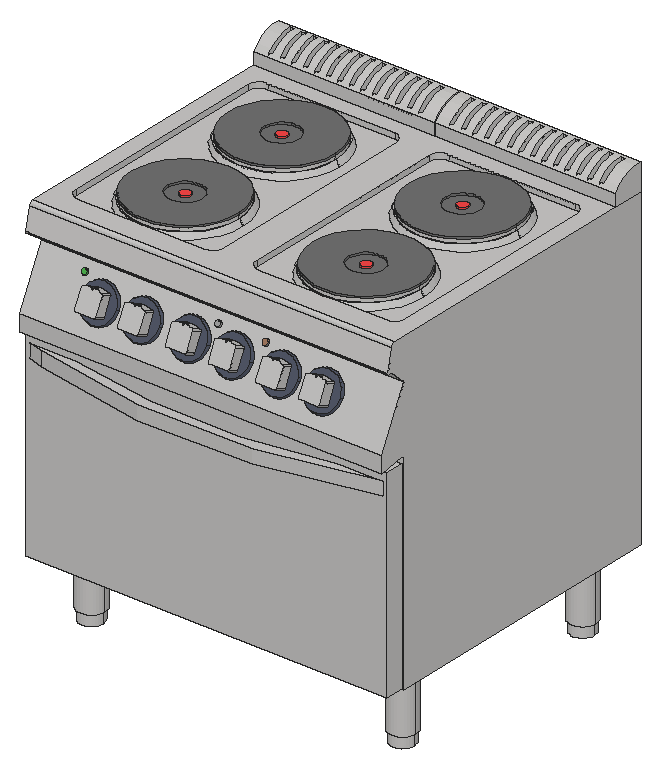
Revit family "QF_ZANUSSI_372016_Z7ECEH4RE0", category Specialty Equipment, Revit 2018 (continued)
Automatic sketch dimensions
  Extrusion 15 sketch curve to Extrusion 15 sketch curve = 40.005 mm
  Extrusion 15 sketch curve to Extrusion 15 sketch curve = 5.399 mm
  Extrusion 15 sketch curve to Extrusion 15 sketch curve = 40.037 mm
  Extrusion 15 sketch curve to Extrusion 15 sketch curve = 0 mm  (x2)
  plane 11 "panel" to Extrusion 16 sketch curve = 35 mm
  Extrusion 16 sketch curve to plane 5 "FRONT" = 9.329 mm
  Extrusion 16 sketch curve to Extrusion 16 sketch curve = 3 mm
  Extrusion 16 sketch curve to Extrusion 16 sketch curve = 0 mm  (x2)
  Extrusion 16 sketch curve to Extrusion 16 sketch curve = 1 mm
  Extrusion 16 sketch curve to Extrusion 16 sketch curve = 15 mm
  plane 3 "LEFT" to Extrusion 17 sketch curve = 135 mm
  Extrusion 17 sketch curve to Extrusion 17 sketch curve = 35 mm  (x2)
  plane 11 "panel" to Extrusion 18 sketch curve = 35 mm
  Extrusion 18 sketch curve to plane 5 "FRONT" = 9.329 mm
  Extrusion 18 sketch curve to Extrusion 18 sketch curve = 3 mm
  Extrusion 18 sketch curve to Extrusion 18 sketch curve = 0 mm
  Extrusion 18 sketch curve to Extrusion 18 sketch curve = 1 mm  (x2)
  Extrusion 18 sketch curve to Extrusion 18 sketch curve = 15 mm
  Extrusion 19 sketch curve to plane 7 "Center Y" = 135.05 mm
  Extrusion 19 sketch curve to Extrusion 19 sketch curve = 35 mm  (x2)
  Blend 20 sketch curve to plane 7 "Center Y" = 152.55 mm  (x2)
  Extrusion 21 sketch curve to plane 7 "Center Y" = 129.55 mm
  Extrusion 21 sketch curve to Extrusion 21 sketch curve = 2.997 mm  (x3)
  Extrusion 21 sketch curve to Extrusion 21 sketch curve = 20.003 mm  (x2)
  Extrusion 21 sketch curve to Extrusion 21 sketch curve = 40.005 mm
  Extrusion 21 sketch curve to Extrusion 21 sketch curve = 0 mm  (x2)
  Extrusion 21 sketch curve to Extrusion 21 sketch curve = 40.037 mm
  Extrusion 21 sketch curve to Extrusion 21 sketch curve = 5.399 mm
  Split face 2 sketch curve to Split face 2 sketch curve = 6 mm
  Split face 2 sketch curve to Split face 2 sketch curve = 10 mm
  Split face 3 sketch curve to Split face 3 sketch curve = 5 mm
  Split face 3 sketch curve to Split face 3 sketch curve = 9 mm
  Split face 4 sketch curve to Split face 4 sketch curve = 5 mm
  Split face 5 sketch curve to Split face 5 sketch curve = 5 mm
  Split face 6 sketch curve to Split face 6 sketch curve = 6 mm
  Split face 6 sketch curve to Split face 6 sketch curve = 10 mm
  Split face 7 sketch curve to Split face 7 sketch curve = 5 mm
  Split face 7 sketch curve to Split face 7 sketch curve = 9 mm
  Split face 8 sketch curve to Split face 8 sketch curve = 5 mm
  Split face 9 sketch curve to Split face 9 sketch curve = 5 mm
  plane 7 "Center Y" to Blend 22 sketch curve = 47.45 mm  (x2)
  plane 7 "Center Y" to Extrusion 23 sketch curve = 24.45 mm
  Extrusion 23 sketch curve to Extrusion 23 sketch curve = 2.997 mm  (x3)
  Extrusion 23 sketch curve to Extrusion 23 sketch curve = 20.003 mm  (x2)
  Extrusion 23 sketch curve to Extrusion 23 sketch curve = 40.005 mm
  Extrusion 23 sketch curve to Extrusion 23 sketch curve = 5.399 mm
  Extrusion 23 sketch curve to Extrusion 23 sketch curve = 40.037 mm
  Extrusion 23 sketch curve to Extrusion 23 sketch curve = 0 mm  (x2)
  plane 7 "Center Y" to Blend 24 sketch curve = 152.45 mm  (x2)
  plane 7 "Center Y" to Extrusion 25 sketch curve = 129.45 mm
  Extrusion 25 sketch curve to Extrusion 25 sketch curve = 2.997 mm  (x3)
  Extrusion 25 sketch curve to Extrusion 25 sketch curve = 20.003 mm  (x2)
  Extrusion 25 sketch curve to Extrusion 25 sketch curve = 40.005 mm
  Extrusion 25 sketch curve to Extrusion 25 sketch curve = 5.399 mm
  Extrusion 25 sketch curve to Extrusion 25 sketch curve = 40.037 mm
  Extrusion 25 sketch curve to Extrusion 25 sketch curve = 0 mm  (x2)
  plane 11 "panel" to Extrusion 26 sketch curve = 35 mm
  Extrusion 26 sketch curve to plane 5 "FRONT" = 9.329 mm
  Extrusion 26 sketch curve to Extrusion 26 sketch curve = 3 mm
  Extrusion 26 sketch curve to Extrusion 26 sketch curve = 0 mm  (x2)
  Extrusion 26 sketch curve to Extrusion 26 sketch curve = 1 mm
  Extrusion 26 sketch curve to Extrusion 26 sketch curve = 15 mm
  plane 7 "Center Y" to Extrusion 27 sketch curve = 134.95 mm
  Extrusion 27 sketch curve to Extrusion 27 sketch curve = 35 mm  (x2)
  plane 11 "panel" to Extrusion 28 sketch curve = 35 mm
  Extrusion 28 sketch curve to plane 5 "FRONT" = 9.329 mm
  Extrusion 28 sketch curve to Extrusion 28 sketch curve = 3 mm
  Extrusion 28 sketch curve to Extrusion 28 sketch curve = 0 mm
  Extrusion 28 sketch curve to Extrusion 28 sketch curve = 1 mm  (x2)
  Extrusion 28 sketch curve to Extrusion 28 sketch curve = 15 mm
  Extrusion 29 sketch curve to plane 4 "RIGHT" = 135.1 mm
  Extrusion 29 sketch curve to Extrusion 29 sketch curve = 35 mm  (x2)
  Blend 30 sketch curve to plane 4 "RIGHT" = 152.6 mm  (x2)
  Extrusion 31 sketch curve to plane 4 "RIGHT" = 129.6 mm
  Extrusion 31 sketch curve to Extrusion 31 sketch curve = 2.997 mm  (x3)
  Extrusion 31 sketch curve to Extrusion 31 sketch curve = 20.003 mm  (x2)
  Extrusion 31 sketch curve to Extrusion 31 sketch curve = 40.005 mm
  Extrusion 31 sketch curve to Extrusion 31 sketch curve = 0 mm  (x2)
  Extrusion 31 sketch curve to Extrusion 31 sketch curve = 40.037 mm
  Extrusion 31 sketch curve to Extrusion 31 sketch curve = 5.399 mm
  Split face 31 sketch curve to Split face 31 sketch curve = 6 mm
  Split face 31 sketch curve to Split face 31 sketch curve = 10 mm
  Split face 32 sketch curve to Split face 32 sketch curve = 5 mm
  Split face 32 sketch curve to Split face 32 sketch curve = 9 mm
  Split face 33 sketch curve to Split face 33 sketch curve = 5 mm
  Split face 34 sketch curve to Split face 34 sketch curve = 5 mm
  Split face 35 sketch curve to Split face 35 sketch curve = 6 mm
  Split face 35 sketch curve to Split face 35 sketch curve = 10 mm
  Split face 36 sketch curve to Split face 36 sketch curve = 5 mm
  Split face 36 sketch curve to Split face 36 sketch curve = 9 mm
  Split face 37 sketch curve to Split face 37 sketch curve = 5 mm
  Split face 38 sketch curve to Split face 38 sketch curve = 5 mm
  plane 11 "panel" to Extrusion 32 sketch curve = 35 mm
  Extrusion 32 sketch curve to plane 5 "FRONT" = 9.329 mm
  Extrusion 32 sketch curve to Extrusion 32 sketch curve = 3 mm
  Extrusion 32 sketch curve to Extrusion 32 sketch curve = 0 mm
  Extrusion 32 sketch curve to Extrusion 32 sketch curve = 1 mm  (x2)
  Extrusion 32 sketch curve to Extrusion 32 sketch curve = 15 mm
  Extrusion 33 sketch curve to plane 7 "Center Y" = 30.05 mm
  Extrusion 33 sketch curve to Extrusion 33 sketch curve = 35 mm  (x2)
  Extrusion 34 sketch curve to plane 7 "Center Y" = 24.55 mm
  Extrusion 34 sketch curve to Extrusion 34 sketch curve = 2.997 mm  (x3)
  Extrusion 34 sketch curve to Extrusion 34 sketch curve = 20.003 mm  (x2)
  Extrusion 34 sketch curve to Extrusion 34 sketch curve = 40.005 mm
  Extrusion 34 sketch curve to Extrusion 34 sketch curve = 0 mm  (x2)
  Extrusion 34 sketch curve to Extrusion 34 sketch curve = 40.037 mm
  Extrusion 34 sketch curve to Extrusion 34 sketch curve = 5.399 mm
  Blend 35 sketch curve to plane 7 "Center Y" = 47.55 mm  (x2)
  Split face 47 sketch curve to Split face 47 sketch curve = 6 mm
  Split face 47 sketch curve to Split face 47 sketch curve = 2 mm
  plane 11 "panel" to Extrusion 36 sketch curve = 35 mm
  Extrusion 36 sketch curve to plane 5 "FRONT" = 9.329 mm
  Extrusion 36 sketch curve to Extrusion 36 sketch curve = 3 mm
  Extrusion 36 sketch curve to Extrusion 36 sketch curve = 0 mm
  Extrusion 36 sketch curve to Extrusion 36 sketch curve = 1 mm  (x2)
  Extrusion 36 sketch curve to Extrusion 36 sketch curve = 15 mm
  plane 7 "Center Y" to Extrusion 37 sketch curve = 64.95 mm
  plane 7 "Center Y" to Extrusion 37 sketch curve = 29.95 mm
  Extrusion 37 sketch curve to Extrusion 37 sketch curve = 35 mm
  Split face 48 sketch curve to Split face 48 sketch curve = 6 mm
  Split face 48 sketch curve to Split face 48 sketch curve = 2 mm
  Split face 49 sketch curve to Split face 49 sketch curve = 6 mm
  Split face 49 sketch curve to Split face 49 sketch curve = 2 mm
  Extrusion 38 sketch curve to plane 7 "Center Y" = 0.05 mm
  plane 7 "Center Y" to Extrusion 39 sketch curve = 104.95 mm
  plane 3 "LEFT" to Extrusion 40 sketch curve = 105 mm
  curve 12 to plane 7 "Center Y" = 0 mm
  curve 29 to plane 7 "Center Y" = 0 mm
  plane 5 "FRONT" to curve 142 = 0 mm
  curve 9 to plane 3 "LEFT" = 0 mm
  curve 7 to plane 3 "LEFT" = 0 mm
  plane 1 "BACK" to curve 6 = 0 mm
  plane 5 "FRONT" to curve 11 = 0 mm
  plane 4 "RIGHT" to curve 3 = 150.019 mm
  plane 1 "BACK" to curve 86 = 6.761 mm
  curve 86 to plane 4 "RIGHT" = 29.703 mm
  curve 23 to plane 4 "RIGHT" = 35.025 mm
  curve 87 to curve 88 = 9.296 mm
  plane 1 "BACK" to curve 90 = 6.761 mm
  curve 86 to curve 90 = 16.193 mm
  curve 24 to curve 24 = 25.4 mm
  curve 22 to curve 22 = 25.4 mm
  curve 91 to curve 93 = 9.296 mm
  plane 1 "BACK" to curve 94 = 6.761 mm
  curve 90 to curve 94 = 16.193 mm
  curve 95 to curve 97 = 9.296 mm
  curve 96 to curve 99 = 16.193 mm
  curve 99 to curve 101 = 9.296 mm
  plane 1 "BACK" to curve 102 = 6.761 mm
  curve 98 to curve 102 = 16.193 mm
  curve 103 to curve 104 = 9.296 mm
  curve 104 to curve 108 = 16.193 mm
  curve 107 to curve 108 = 9.296 mm
  plane 1 "BACK" to curve 111 = 6.761 mm
  curve 106 to curve 111 = 16.193 mm
  curve 111 to curve 113 = 9.296 mm
  plane 1 "BACK" to curve 114 = 6.761 mm
  curve 110 to curve 114 = 16.193 mm
  curve 115 to curve 116 = 9.296 mm
  plane 1 "BACK" to curve 118 = 6.761 mm
  curve 114 to curve 118 = 16.193 mm
  curve 118 to curve 121 = 9.296 mm
  plane 1 "BACK" to curve 123 = 6.761 mm
  curve 118 to curve 123 = 16.193 mm
  curve 123 to curve 124 = 9.296 mm
  curve 124 to curve 128 = 16.193 mm
  curve 127 to curve 128 = 9.296 mm
  curve 128 to curve 132 = 16.193 mm
  curve 131 to curve 132 = 9.296 mm
  plane 1 "BACK" to curve 135 = 6.761 mm
  curve 130 to curve 135 = 16.193 mm
  plane 7 "Center Y" to curve 26 = 60.425 mm
  curve 135 to curve 21 = 4.062 mm
  curve 134 to curve 137 = 9.296 mm
  plane 1 "BACK" to curve 138 = 6.761 mm
  curve 134 to curve 138 = 16.193 mm
  curve 28 to curve 27 = 25.4 mm
  curve 138 to curve 141 = 9.296 mm
  plane 1 "BACK" to curve 85 = 6.761 mm
  curve 85 to plane 7 "Center Y" = 29.703 mm
  curve 15 to plane 7 "Center Y" = 35.025 mm
  curve 84 to curve 83 = 9.296 mm
  curve 83 to curve 81 = 16.193 mm
  curve 16 to curve 17 = 25.4 mm
  curve 15 to curve 14 = 25.4 mm
  curve 80 to curve 80 = 9.296 mm
  curve 79 to curve 77 = 16.193 mm
  curve 76 to curve 75 = 9.296 mm
  curve 75 to curve 72 = 16.193 mm
  curve 70 to curve 71 = 9.296 mm
  curve 71 to curve 69 = 16.193 mm
  curve 68 to curve 67 = 9.296 mm
  plane 1 "BACK" to curve 65 = 6.761 mm
  curve 66 to curve 65 = 16.193 mm
  curve 64 to curve 63 = 9.296 mm
  plane 1 "BACK" to curve 61 = 6.761 mm
  curve 62 to curve 61 = 16.193 mm
  curve 60 to curve 59 = 9.296 mm
  plane 1 "BACK" to curve 57 = 6.761 mm
  curve 58 to curve 57 = 16.193 mm
  curve 56 to curve 55 = 9.296 mm
  plane 1 "BACK" to curve 53 = 6.761 mm
  curve 54 to curve 53 = 16.193 mm
  curve 52 to curve 51 = 9.296 mm
  plane 1 "BACK" to curve 49 = 6.761 mm
  curve 50 to curve 49 = 16.193 mm
  curve 48 to curve 47 = 9.296 mm
  plane 1 "BACK" to curve 45 = 6.761 mm
  curve 46 to curve 45 = 16.193 mm
  curve 44 to curve 44 = 9.296 mm
  plane 1 "BACK" to curve 41 = 6.761 mm
  curve 42 to curve 41 = 16.193 mm
  curve 40 to curve 39 = 9.296 mm
  curve 39 to curve 37 = 16.193 mm
  plane 3 "LEFT" to curve 18 = 60.425 mm
  curve 36 to curve 13 = 4.062 mm
  curve 34 to curve 35 = 9.296 mm
  plane 1 "BACK" to curve 30 = 6.761 mm
  curve 34 to curve 30 = 16.193 mm
  curve 18 to curve 19 = 25.4 mm
  curve 30 to curve 30 = 9.296 mm
  curve 2 to plane 3 "LEFT" = 150.019 mm
  curve 1 to plane 1 "BACK" = 150.019 mm
  plane 1 "BACK" to curve 133 = 6.761 mm
  plane 1 "BACK" to curve 129 = 6.761 mm
  plane 1 "BACK" to curve 109 = 6.761 mm
  plane 1 "BACK" to curve 101 = 6.761 mm
  plane 1 "BACK" to curve 81 = 6.761 mm
  plane 1 "BACK" to curve 34 = 6.761 mm
  plane 1 "BACK" to curve 77 = 6.761 mm
  plane 1 "BACK" to curve 73 = 6.761 mm
  plane 1 "BACK" to curve 69 = 6.761 mm
  curve 54 to curve 56 = 57.15 mm
  curve 56 to curve 59 = 0 mm
  curve 53 to curve 55 = 0 mm
  curve 60 to curve 63 = 0 mm
  curve 49 to curve 51 = 0 mm
  curve 64 to curve 67 = 0 mm
  curve 45 to curve 47 = 0 mm
  curve 68 to curve 71 = 0 mm
  curve 41 to curve 43 = 0 mm
  curve 72 to curve 75 = 0 mm
  curve 37 to curve 39 = 0 mm
  curve 76 to curve 79 = 0 mm
  curve 33 to curve 35 = 0 mm
  curve 80 to curve 83 = 0 mm
  curve 138 to curve 141 = 57.15 mm
  curve 86 to curve 87 = 57.15 mm
  curve 139 to curve 137 = 0 mm
  curve 91 to curve 88 = 0 mm
  curve 135 to curve 133 = 0 mm
  curve 95 to curve 92 = 0 mm
  curve 131 to curve 129 = 0 mm
  curve 99 to curve 96 = 0 mm
  curve 127 to curve 125 = 0 mm
  curve 103 to curve 100 = 0 mm
  curve 123 to curve 121 = 0 mm
  curve 107 to curve 104 = 0 mm
  curve 119 to curve 117 = 0 mm
  curve 111 to curve 108 = 0 mm
  curve 92 to curve 21 = 40.974 mm
  curve 36 to curve 13 = 40.974 mm
  curve 19 to plane 5 "FRONT" = 110.765 mm
  curve 15 to curve 26 = 0 mm
  plane 5 "FRONT" to curve 10 = 379.413 mm
  curve 142 to curve 17 = 69.075 mm
  curve 12 to curve 84 = 0.898 mm
  curve 7 to curve 31 = 0.898 mm
  curve 7 to curve 7 = 6.838 mm
  curve 8 to curve 7 = 0 mm
  plane 5 "FRONT" to curve 1 = 1.377 mm
  plane 5 "FRONT" to curve 3 = 1.377 mm
  curve 6 to plane 4 "RIGHT" = 0 mm
  Extrusion 41 sketch curve to Extrusion 41 sketch curve = 0 mm  (x6)
  Extrusion 41 sketch curve to plane 7 "Center Y" = 0 mm
  Extrusion 41 sketch curve to plane 5 "FRONT" = 15 mm  (x2)
  Extrusion 41 sketch curve to plane 4 "RIGHT" = 103.655 mm
  Extrusion 41 sketch curve to plane 4 "RIGHT" = 10.05 mm
  Extrusion 41 sketch curve to plane 1 "BACK" = 537.5 mm
  Extrusion 41 sketch curve to plane 5 "FRONT" = 4.65 mm
  plane 12 to Extrusion 1 sketch curve = 15 mm
  Extrusion 1 sketch curve to plane 12 = 0 mm
  Extrusion 1 sketch curve to plane 6 "TOP" = 110.989 mm
  Extrusion 1 sketch curve to Extrusion 1 sketch curve = 15.116 mm
  Extrusion 1 sketch curve to Extrusion 1 sketch curve = 2.884 mm
  Extrusion 1 sketch curve to plane 6 "TOP" = 65.474 mm
  Extrusion 1 sketch curve to Extrusion 1 sketch curve = 13.051 mm
  Extrusion 1 sketch curve to plane 9 "TOP A" = 56.816 mm
  Extrusion 1 sketch curve to Extrusion 1 sketch curve = 10.198 mm
  Extrusion 1 sketch curve to Extrusion 1 sketch curve = 7.474 mm
  Extrusion 1 sketch curve to Extrusion 1 sketch curve = 40 mm
  Extrusion 1 sketch curve to Extrusion 1 sketch curve = 1.355 mm
  Extrusion 1 sketch curve to Extrusion 1 sketch curve = 0.445 mm
  Extrusion 1 sketch curve to Extrusion 1 sketch curve = 5 mm  (x2)
  Extrusion 1 sketch curve to plane 9 "TOP A" = 88.636 mm
  Extrusion 1 sketch curve to Extrusion 1 sketch curve = 31.82 mm
  plane 10 "Base" to Extrusion 1 sketch curve = 0 mm
  Extrusion 1 sketch curve to plane 1 "BACK" = 0 mm
  Extrusion 1 sketch curve to Extrusion 1 sketch curve = 161.364 mm
  Extrusion 1 sketch curve to Extrusion 1 sketch curve = 5.508 mm
  Extrusion 1 sketch curve to Extrusion 1 sketch curve = 10.259 mm
  Extrusion 1 sketch curve to Extrusion 1 sketch curve = 35 mm
  plane 10 "Base" to Extrusion 8 sketch curve = 5 mm
  plane 5 "FRONT" to Extrusion 8 sketch curve = 394.838 mm
  Extrusion 8 sketch curve to plane 12 = 15.162 mm
  plane 10 "Base" to Extrusion 8 sketch curve = 5.45 mm
  Extrusion 8 sketch curve to Extrusion 8 sketch curve = 20 mm
  radius of Extrusion 7 sketch curve = 12.7 mm
  radius of Blend 14 sketch curve = 42.5 mm
  radius of Blend 14 sketch curve = 40.5 mm
  radius of Split face 1 sketch curve = 3 mm
  radius of Blend 20 sketch curve = 42.5 mm
  radius of Blend 20 sketch curve = 40.5 mm
  radius of Split face 10 sketch curve = 1.5 mm
  radius of Split face 11 sketch curve = 2.029 mm
  radius of Split face 12 sketch curve = 2.031 mm
  radius of Split face 13 sketch curve = 3.497 mm
  radius of Split face 14 sketch curve = 3.497 mm
  radius of Split face 15 sketch curve = 3 mm
  radius of Split face 16 sketch curve = 1.5 mm
  radius of Blend 22 sketch curve = 42.5 mm
  radius of Blend 22 sketch curve = 40.5 mm
  radius of Split face 17 sketch curve = 1 mm
  radius of Split face 18 sketch curve = 1 mm
  radius of Split face 19 sketch curve = 1 mm
  radius of Split face 20 sketch curve = 1 mm
  radius of Split face 21 sketch curve = 1 mm
  radius of Split face 22 sketch curve = 1 mm
  radius of Split face 23 sketch curve = 1 mm
  radius of Split face 24 sketch curve = 1 mm
  radius of Split face 25 sketch curve = 1 mm
  radius of Split face 26 sketch curve = 1 mm
  radius of Split face 27 sketch curve = 1 mm
  radius of Split face 28 sketch curve = 1 mm
  radius of Split face 29 sketch curve = 1 mm
  radius of Blend 24 sketch curve = 42.5 mm
  radius of Blend 24 sketch curve = 40.5 mm
  radius of Split face 30 sketch curve = 3 mm
  radius of Blend 30 sketch curve = 42.5 mm
  radius of Blend 30 sketch curve = 40.5 mm
  radius of Split face 39 sketch curve = 1.5 mm
  radius of Split face 40 sketch curve = 2.029 mm
  radius of Split face 41 sketch curve = 2.031 mm
  radius of Split face 42 sketch curve = 3.497 mm
  radius of Split face 43 sketch curve = 3.497 mm
  radius of Split face 44 sketch curve = 3 mm
  radius of Split face 45 sketch curve = 1.5 mm
  radius of Split face 46 sketch curve = 1 mm
  radius of Blend 35 sketch curve = 42.5 mm
  radius of Blend 35 sketch curve = 40.5 mm
  radius of Split face 50 sketch curve = 1.714 mm
  radius of Extrusion 38 sketch curve = 6 mm
  radius of Extrusion 39 sketch curve = 6 mm
  radius of Extrusion 40 sketch curve = 6 mm
Nested families
  nested 1: "QF_372016_HOT PLATES" at (72.525, -113.898, 838.3), type "QF_372016_HOT PLATES"
    with Type Mark "", Specification by User "", Revision Code "", Item Number "", Installed By "", Identify Quantity as Lot yes, Furnished By "", Foodservice Equipment Identifier yes
  nested 2: "QF_372016_HOT PLATES" at (72.525, -635.872, 838.3), type "QF_372016_HOT PLATES"
    with Type Mark "", Specification by User "", Revision Code "", Item Number "", Installed By "", Identify Quantity as Lot yes, Furnished By "", Foodservice Equipment Identifier yes
  nested 3: "QF_372016_HOT PLATES" at (727.575, -113.898, 838.3) x (-1, 0, 0) z (0, 0, 1), type "QF_372016_HOT PLATES"
    with Type Mark "", Specification by User "", Revision Code "", Item Number "", Installed By "", Identify Quantity as Lot yes, Furnished By "", Foodservice Equipment Identifier yes
  nested 4: "QF_372016_HOT PLATES" at (727.575, -635.872, 838.3) x (-1, 0, 0) z (0, 0, 1), type "QF_372016_HOT PLATES"
    with Type Mark "", Specification by User "", Revision Code "", Item Number "", Installed By "", Identify Quantity as Lot yes, Furnished By "", Foodservice Equipment Identifier yes
Connectors
  electrical at (752.375, -512.762, 150), driven by "Volts", driven by "Watts"
    settings: on Extrusion 7, index 1, voltage 400 V, apparent load 16400 VA, apparent load phase1 0 VA, apparent load phase2 0 VA, apparent load phase3 0 VA, power factor 1, load classification "Other", number of poles 1, system type 30, power factor state 1, is connector primary yes, connector utility no, sub classification motor no, connector description "Electrical Connection"
Definition of nested family "QF_372016_HOT PLATES"
  Parameters
    Width = 255 mm  # constant formula
    Weight in Pounds = 0
    URL Cutsheet = ""
    URL = ""
    Type Mark [instance] = ""
    Specification by User [instance] = ""
    Specification by Manufacturer = ""
    Serial Number = ""
    Seismic Rating = ""
    SMACNA No = ""
    Revision Code [instance] = ""
    Omniclass Number and Title = ""
    NAFEM Spec ID Number = ""
    Model = ""
    Masterspec = ""
    Manufacturer = ""
    Item Number [instance] = ""
    Installed By [instance] = ""
    Identify Quantity as Lot [instance] = yes
    Height = 23 mm  # constant formula
    Furnished By [instance] = ""
    Foodservice Equipment Identifier [instance] = yes
    Description = ""
    Depth = 255 mm  # constant formula
    CSI MasterFormat = ""
    CSI Master Format = ""
    Assembly Code = ""
  Reference planes
    plane 1 "BACK": y = 0
    plane 2: z = 0
    plane 3 "LEFT": x = 0
    plane 4 "RIGHT": x = 255
    plane 5 "FRONT": y = -255
    plane 6 "TOP": z = 23
    plane 7 "Center Y": x = 127.5
    plane 8 "Center X": y = -127.5
  Forms (mm)
    Extrusion 1, solid
      sketch origin (-72.525, 113.875, 19.181) x (1, 0, 0) y (0, 1, 0)
        loop
          circle (200.025, -241.375) r 117.925
        loop
          circle (200.025, -241.375) r 38.208
      from 0 to 3.819
    Extrusion 2, solid
      sketch origin (-72.525, 113.875, 19.181) x (1, 0, 0) y (0, 1, 0)
        loop
          circle (200.025, -241.375) r 11.669
      from 0 to 1.964
    Extrusion 3, solid
      sketch origin (-72.525, 113.875, 12.7) x (1, 0, 0) y (0, 1, 0)
        loop
          circle (200.025, -241.375) r 38.208
      from 0 to 6.481
    Blend 4, solid
      base sketch origin (-72.525, 113.875, 0) x (1, 0, 0) y (0, 1, 0)
        loop
          circle (200.025, -241.375) r 127.548
      top sketch origin (-72.525, 113.875, 0) x (1, 0, 0) y (0, 1, 0)
        loop
          circle (200.025, -241.375) r 120.402
      from 0 to 11.731
    Extrusion 5, solid
      sketch origin (-72.525, 113.875, 11.731) x (1, 0, 0) y (0, 1, 0)
        loop
          circle (200.025, -241.375) r 117.925
        loop
          circle (200.025, -241.375) r 39.808
      from 0 to 7.45
  Lines and regions (mm)
    symbolic lines
      curve 1: circle (127.5, -127.5, 0) r 11.669 normal (0, 0, 1)
      curve 2: circle (127.5, -127.5, 0) r 38.208 normal (0, 0, 1)
      curve 3: circle (127.5, -127.5, 0) r 120.402 normal (0, 0, 1)
      curve 4: circle (127.5, -127.5, 0) r 127.548 normal (0, 0, 1)
  Dimensions and locks
    equal spacing: plane 3 "LEFT", plane 7 "Center Y", plane 4 "RIGHT"
    "Width": plane 3 "LEFT" to plane 4 "RIGHT"
    equal spacing: plane 5 "FRONT", plane 8 "Center X", plane 1 "BACK"
    "Depth": plane 5 "FRONT" to plane 1 "BACK"
    plane 1 "BACK" to plane 5 "FRONT" = 255 mm
    "Height": plane 6 "TOP" to level
    aligned and locked: level to plane 2
  Automatic sketch dimensions
    Extrusion 3 sketch curve to plane 7 "Center Y" = 0 mm
    Extrusion 3 sketch curve to plane 8 "Center X" = 0 mm
    Blend 4 sketch curve to plane 7 "Center Y" = 0 mm  (x2)
    Blend 4 sketch curve to plane 8 "Center X" = 0 mm  (x2)
    curve 1 to curve 2 = 0 mm  (x2)
    curve 1 to curve 3 = 0 mm  (x2)
    curve 1 to curve 4 = 0 mm  (x2)
    curve 2 to curve 3 = 0 mm  (x2)
    curve 2 to curve 4 = 0 mm  (x2)
    curve 3 to curve 4 = 0 mm  (x2)
    curve 2 to plane 7 "Center Y" = 0 mm
    curve 2 to plane 8 "Center X" = 0 mm
    radius of Extrusion 1 sketch curve to Extrusion 5 = 0 mm
    radius of Extrusion 1 sketch curve to Extrusion 5 = 1.6 mm
    radius of Extrusion 2 sketch curve to Extrusion 3 = 26.539 mm
    radius of Extrusion 3 sketch curve = 38.208 mm
    radius of Blend 4 sketch curve = 127.548 mm
    radius of Blend 4 sketch curve = 120.402 mm
    radius of Extrusion 5 sketch curve to Blend 4 = 2.478 mm
    radius of Extrusion 5 sketch curve to Blend 4 = 80.594 mm
    radius of curve 1 = 11.669 mm
    radius of curve 2 = 38.208 mm
    radius of curve 3 = 120.402 mm
    radius of curve 4 = 127.548 mm
